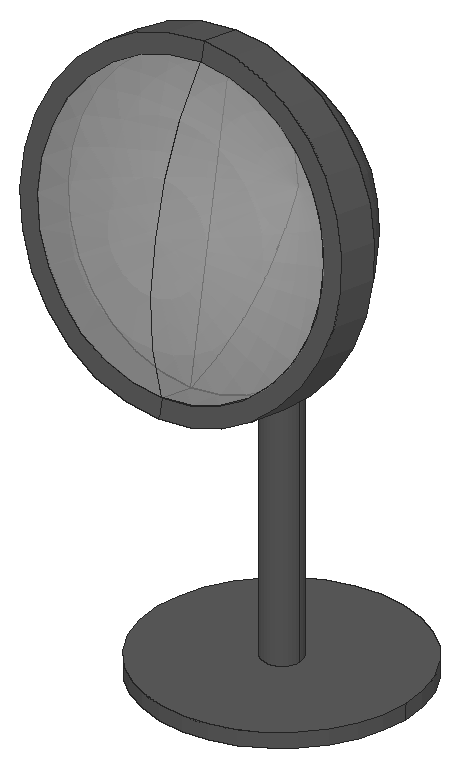
Revit family "GNX Single", category Lighting Fixtures, host Face, Revit 2012
Parameters (values of type "GNX - Black")
  zz Angle1 = if(Tilt Angle < 10.00°, 10.00°, if(Tilt Angle > 140.00°, 140.00°, Tilt Angle))  # 10.00°
  Wattage Comments = "5-35 W"
  Voltage = 6 V
  URL = "http://www.dual-lite.com/"
  Total Input Wattage = 5 W
  Tilt Angle = 10.00°
  Load Classification = Lighting
  Lens = Hubbell - Glass
  Product Page URL = "http://www.dual-lite.com/products/gnx"
  Product Documentation Link = "http://cdn.dual-lite.com/content/products/specs/specs_files/dlt_remoteheads_specsht.pdf"
  Photometric Web [instance] = GNX Photometry : gnx-0625
  Model = "GNX"  # constant formula
  Manufacturer Phone = "864-678-1000"  # constant formula
  Manufacturer Fax = "866-898-0131"  # constant formula
  Manufacturer = "Dual-lite"  # constant formula
  Fixture Color = Hubbell - Paint - Black
  Description = "Environmental Lighting Head"  # constant formula
  Default Elevation = 48.000"
  Apparent Load = 5 VA
Reference planes (in)
  plane 1 "Center (Front/Back)": y = 0
  plane 2: z = 0
  plane 3 "Center (Left/Right)": x = 0
  plane 4: z = 4
  plane 5: y = 1.75
  plane 6: y = -1.75
  plane 7: x = 1.75
  plane 8: x = -1.75
  plane 9: z = 0.2
Forms (in)
  Extrusion 1, solid, material "Hubbell - Paint - Black" <- "Fixture Color"
    sketch origin (0, 0, 0) x (1, 0, 0) y (0, 1, 0)
      loop
        circle (0, 0) r 1.75
    from 0 to 0.2
  Revolve 2, solid, material "Hubbell - Paint - Black" <- "Fixture Color"
    sketch origin (0, 0, 0) x (1, 0, 0) y (0, 0, 1)
      loop
        line (0, 0.2) -> (0.25, 0.2) -> (0.25, 4) -> (0, 4) -> (0, 0.2)
      axis (0, 4) -> (0, 0.2)
    angle from 0 to 360
  Extrusion 3, solid, material "Hubbell - Paint - Black" <- "Fixture Color"
    sketch origin (0, 0, 0) x (0, 1, 0) y (0, 0, 1)
      loop
        circle (0, 4) r 0.5
    from -0.25 to 0.25
Cuts and joins
  joined: Extrusion 1, Revolve 2, Extrusion 3
Lines and regions (in)
  reference lines
    curve 1: line (1.75, 0, 0) -> (2.55045, 0, 0)
Dimensions and locks (in)
  equal spacing: plane 6, plane 1 "Center (Front/Back)", plane 5
  locked: plane 5 to plane 6 at 3.5
  plane 8 to plane 7 = 3.500"
  locked: plane 9 to plane 2 at 0.2
  locked: plane 3 "Center (Left/Right)" to Extrusion 1 sketch curve at 0
  locked: plane 1 "Center (Front/Back)" to Extrusion 1 sketch curve at 0
  locked: plane 4 to plane 2 at 4
  radius of Extrusion 1 sketch curve = 1.750"
  "zz Angle1": angle plane 4 to nested 1
  aligned and locked: plane 2 to host face
  aligned and locked: level to host face
  aligned and locked: plane 9 to Extrusion 1
  aligned and locked: Extrusion 1 to Revolve 2
  aligned and locked: plane 4 to nested 1
  aligned and locked: plane 1 "Center (Front/Back)" to nested 1
  aligned and locked: nested 2 to plane 3 "Center (Left/Right)"
  aligned and locked: nested 2 to nested 1
  aligned and locked: cut or joined group of Extrusion 1, Revolve 2, Extrusion 3 to plane 2
  aligned and locked: plane 4 to cut or joined group of Extrusion 1, Revolve 2, Extrusion 3
Automatic sketch dimensions
  host sketch curve to host sketch curve = 96.000"  (x2)
  plane 1 "Center (Front/Back)" to curve 1 = 0.000"
  plane 3 "Center (Left/Right)" to curve 1 = 1.750"
  curve 1 to curve 1 = 0.80045"
  Revolve 2 sketch curve to plane 3 "Center (Left/Right)" = 0.000"  (x2)
  plane 9 to Revolve 2 sketch curve = 0.000"
  Revolve 2 sketch curve to plane 4 = 0.000"
  plane 3 "Center (Left/Right)" to Revolve 2 sketch curve = 0.250"
  Revolve 2 sketch curve to level = 24.000"
  Revolve 2 sketch curve to Revolve 2 sketch curve = 99.71882"
  Extrusion 3 sketch curve to Extrusion 3 sketch curve = 0.000"  (x2)
  Extrusion 3 sketch curve to plane 4 = 0.000"
  Extrusion 3 sketch curve to plane 1 "Center (Front/Back)" = 0.000"
  plane 1 "Center (Front/Back)" to Extrusion 3 sketch curve = 0.500"
Nested families (in)
  nested 1: "GNX Model" at (-0.00006, 0, 4) x (0, 0.9848, -0.1736) z (1, 0, 0), type "Black"
  nested 2: "GNX Photometry" at (-0.23896, -1.7219, 6.62894) x (-1, 0, 0) z (0, -0.9848, 0.1736), type <- "Photometric Web", type "gnx-0625"
Connectors (in)
  electrical at (0, 0, 0), driven by "Voltage", driven by "Apparent Load", driven by "Load Classification"
    settings: on Extrusion 1, index 1, voltage 6 V, apparent load 5 VA, apparent load phase1 0 VA, apparent load phase2 0 VA, apparent load phase3 0 VA, power factor 1, load classification "Lighting", number of poles 1, system type 30, power factor state 1, is connector primary yes, connector utility no, sub classification motor no, connector description "Lighting Connector"
Definition of nested family "GNX Model"
  Parameters (values of type "White")
    URL = ""
    Product Page URL = ""
    Product Documentation Link = ""
    Manufacturer Phone = ""
    Manufacturer Fax = ""
    Manufacturer = ""
    Lens = Hubbell - Glass
    Finish = Finish - Hubbell - White
  Types (2): name | Finish
    White | Finish - Hubbell - White
    Black | Hubbell - Paint - Black
  Reference planes (in)
    plane 1 "Center (Front/Back)": y = 0
    plane 2: z = 0
    plane 3 "Center (Left/Right)": x = 0
    plane 4: z = 5.6
    plane 5: z = 5.1
    plane 6: z = 11.8
    plane 7: y = 4.5
    plane 8: x = -4.246
    plane 9: y = 2.25
    plane 10: z = 0.25
    plane 11: z = -0.25
    plane 12: z = 0
    plane 13: through (0, 0, 48) normal (0.8192, 0.5736, 0)
    plane 14: y = 0
  Forms (in)
    Revolve 1, solid, material "Finish - Hubbell - White" <- "Finish"
      sketch origin (2.09375, -0.25, 0) x (1, 0, 0) y (0, 1, 0)
        loop
          line (-1.93672, 2.25) -> (-2.15593, 2.25)
          arc (-2.15593, 2.25) -> (-2.71089, 1.07318) -> (-3.7185, 0.25) r 2.94713
          line (-3.7185, 0.25) -> (-4.246, 0.25) -> (-4.246, 0) -> (-3.66713, 0) -> (-3.58932, 0.13477)
          arc (-3.58932, 0.13477) -> (-2.47154, 0.96465) -> (-1.93672, 2.25) r 2.61982
        axis (-4.246, 2.25) -> (-1.93672, 2.25)
      angle from 0 to 360
    Revolve 2, solid, material "Hubbell - Glass" <- "Lens"
      sketch origin (2.09375, -0.25, 0) x (1, 0, 0) y (0, 1, 0)
        loop
          line (-3.7185, 0.25) -> (-3.7185, 2.25) -> (-4.70774, 2.25)
          arc (-4.70774, 2.25) -> (-4.60006, 1.22156) -> (-4.246, 0.25) r 4.22884
          line (-4.246, 0.25) -> (-3.7185, 0.25)
        axis (-4.70774, 2.25) -> (-3.7185, 2.25)
      angle from 0 to 360
    Extrusion 3, solid, material "Finish - Hubbell - White" <- "Finish"
      sketch origin (0, 0, 0) x (1, 0, 0) y (0, 1, 0)
        loop
          arc (-0.41377, -0.28071) -> (0.21157, -0.45303) -> (0.48084, 0.13708) r 0.5
          line (0.48084, 0.13708) -> (0.01536, 1.76991) -> (-0.82404, 0.32404) -> (-0.41377, -0.28071)
      from -0.25 to 0.25
  Cuts and joins
    joined: Revolve 1, Extrusion 3
  Lines and regions (in)
    reference lines
      curve 1: line (0, 0, 0) -> (0.87865, 0, 0)
      curve 2: line (0, 0, 0) -> (0, 0.29239, 0)
  Dimensions and locks (in)
    locked: plane 4 to plane 5 at 0.5
    plane 6 to plane 5 = 6.700"
    equal spacing: plane 7, plane 9, plane 1 "Center (Front/Back)"
    plane 7 to plane 1 "Center (Front/Back)" = 4.500"
    aligned and locked: Revolve 1 to Revolve 2 sketch curve
    aligned and locked: plane 11 to Extrusion 3
    aligned and locked: plane 10 to Extrusion 3
    aligned and locked: plane 14 to curve 1
  Automatic sketch dimensions
    Revolve 1 sketch curve to plane 8 = 2.09375"
    plane 1 "Center (Front/Back)" to Revolve 1 sketch curve = 0.250"
    Revolve 1 sketch curve to plane 9 = 0.250"  (x2)
    Revolve 1 sketch curve to plane 8 = 1.80377"
    Revolve 1 sketch curve to Revolve 1 sketch curve = 0.49728"
    Revolve 1 sketch curve to plane 1 "Center (Front/Back)" = 0.000"
    Revolve 1 sketch curve to plane 8 = 2.62125"
    Revolve 1 sketch curve to Revolve 1 sketch curve = 0.05137"
    plane 1 "Center (Front/Back)" to Revolve 1 sketch curve = 0.11523"
    Revolve 1 sketch curve to Revolve 1 sketch curve = 0.07781"
    Revolve 1 sketch curve to plane 3 "Center (Left/Right)" = 0.06218"
    Revolve 1 sketch curve to Revolve 1 sketch curve = 0.21921"
    Revolve 1 sketch curve to Revolve 1 sketch curve = 11.30875"
    plane 3 "Center (Left/Right)" to Revolve 1 sketch curve = 10.97206"
    Revolve 2 sketch curve to plane 9 = 0.250"  (x2)
    Revolve 2 sketch curve to plane 8 = 2.09375"
    Revolve 2 sketch curve to plane 8 = 1.63201"
    Revolve 2 sketch curve to Revolve 2 sketch curve = 11.63427"
    Revolve 2 sketch curve to plane 1 "Center (Front/Back)" = 0.000"
    Revolve 2 sketch curve to plane 9 = 0.32716"
    plane 3 "Center (Left/Right)" to Revolve 2 sketch curve = 10.97206"
    plane 1 "Center (Front/Back)" to Extrusion 3 sketch curve = 0.000"
    Extrusion 3 sketch curve to plane 3 "Center (Left/Right)" = 0.000"
    Extrusion 3 sketch curve to plane 3 "Center (Left/Right)" = 0.41377"
    Extrusion 3 sketch curve to plane 1 "Center (Front/Back)" = 0.32404"
    plane 3 "Center (Left/Right)" to Extrusion 3 sketch curve = 0.01536"
    Extrusion 3 sketch curve to plane 1 "Center (Front/Back)" = 0.13708"
    plane 3 "Center (Left/Right)" to Extrusion 3 sketch curve = 0.48084"
    Extrusion 3 sketch curve to plane 9 = 0.48009"
    Extrusion 3 sketch curve to Extrusion 3 sketch curve = 0.41027"
    curve 1 to plane 3 "Center (Left/Right)" = 0.000"
    curve 2 to curve 1 = 0.87865"
    curve 1 to curve 2 = 0.29239"
Definition of nested family "GNX Photometry"
  Parameters (values of type "gnx-0612")
    Wattage Comments = ""
    Wattage = 12 W
    built-in parameter 1150110 = 1 (stored number, unit not read)
    Voltage = 6 V
    URL = ""
    built-in parameter 1114217 = 1 (stored number, unit not read)
    Tilt Angle = 90.00°
    built-in parameter 1150109 = 1 (stored number, unit not read)
    built-in parameter 1150134 = 3
    built-in parameter 1150113 = 1 (stored number, unit not read)
    Product Page URL = ""
    Product Documentation Link = ""
    Photometric Web File = "gnx-0612.ies"
    Model = ""
    Manufacturer Phone = ""
    Manufacturer Fax = ""
    Manufacturer = ""
    built-in parameter 1150105 = 77.588 (stored number, unit not read)
    Lumens = 975 lm
    built-in parameter 1150115 = 1 (stored number, unit not read)
    built-in parameter 1150137 = (empty or 0)
    built-in parameter 1150139 = (empty or 0)
    built-in parameter 1150112 = 1 (stored number, unit not read)
    built-in parameter 1150114 = 1 (stored number, unit not read)
    Lamp = ""
    built-in parameter 1150132 = 1
    built-in parameter 1150102 = (empty or 0)
    built-in parameter 1150107 = 3200 (stored number, unit not read)
    built-in parameter 1150138 = (empty or 0)
    built-in parameter 1150106 = 0.77588 (stored number, unit not read)
    Emit from Circle Diameter = 3.500"  # constant formula
    Emit Shape Visible in Rendering = no
    built-in parameter 1150104 = 7.5484 (stored number, unit not read)
    Dimming Lamp Color Temperature Shift = (empty or 0)
    Description = ""
    Default Elevation = 48.000"
    Color Filter = 16777215
    built-in parameter 1114218 = 1 (stored number, unit not read)
    built-in parameter 1150133 = 10 (stored number, unit not read)
    Apparent Load = 5.4 VA
  Types (13): name | Wattage | Voltage | Tilt Angle | Photometric Web File | built-in parameter 1150105 | Lumens | built-in parameter 1150106
    gnx-0605 | 5 W | 6 V | 0.00° | "gnx-0605.ies" | 32.328 (stored number, unit not read) | 406.25 lm | 0.32328 (stored number, unit not read)
    gnx-0607 | 7.2 W | 6 V | 90.00° | "gnx-0607.ies" | 46.553 (stored number, unit not read) | 585 lm | 0.46553 (stored number, unit not read)
    gnx-0608 | 8 W | 6 V | 90.00° | "gnx-0608.ies" | 51.725 (stored number, unit not read) | 650 lm | 0.51725 (stored number, unit not read)
    gnx-0612 | 12 W | 6 V | 90.00° | "gnx-0612.ies" | 77.588 (stored number, unit not read) | 975 lm | 0.77588 (stored number, unit not read)
    gnx-0618 | 18 W | 6 V | 90.00° | "gnx-0618.ies" | 116.38 (stored number, unit not read) | 1462.5 lm | 1.1638 (stored number, unit not read)
    gnx-0620 | 20 W | 6 V | 90.00° | "gnx-0620.ies" | 129.31 (stored number, unit not read) | 1625 lm | 1.2931 (stored number, unit not read)
    gnx-0625 | 25 W | 6 V | 90.00° | "gnx-0625.ies" | 161.64 (stored number, unit not read) | 2031.25 lm | 1.6164 (stored number, unit not read)
    gnx-1208 | 8 W | 6 V | 90.00° | "gnx-1208.ies" | 51.725 (stored number, unit not read) | 650 lm | 0.51725 (stored number, unit not read)
    gnx-1209 | 9 W | 6 V | 90.00° | "gnx-1209.ies" | 2571.7 (stored number, unit not read) | 731.25 lm | 25.717 (stored number, unit not read)
    gnx-1212 | 12 W | 6 V | 90.00° | "gnx-1212.ies" | 35063.3 (stored number, unit not read) | 975 lm | 350.63 (stored number, unit not read)
    gnx-1218 | 18 W | 12 V | 90.00° | "gnx-1218.ies" | 56983 (stored number, unit not read) | 1462.5 lm | 569.83 (stored number, unit not read)
    gnx-1225 | 25 W | 12 V | 90.00° | "gnx-1225.ies" | 9900.2 (stored number, unit not read) | 2031.25 lm | 99.002 (stored number, unit not read)
    gnx-1235 | 35 W | 12 V | 90.00° | "gnx-1235.ies" | 11968.1 (stored number, unit not read) | 2843.75 lm | 119.68 (stored number, unit not read)
  Reference planes (in)
    plane 1 "Center (Front/Back)": y = 0.03999
    plane 2: z = 0
    plane 3 "Center (Left/Right)": x = -0.23896
  Forms (in)
    Extrusion 1, solid
      sketch origin (0, 0, 0.06357) x (1, 0, 0) y (0, 1, 0)
        loop
          line (-48, 48) -> (-48, -48) -> (48, -48) -> (48, 48) -> (-48, 48)
      from -0.06357 to -17.74365
  Lines and regions (in)
    reference lines
      curve 1: line (-0.23896, 0.03999, 18.11448) -> (-0.23896, 0.03999, -22.88552)
      curve 2: line (-0.23896, 0.03999, 34) -> (-0.23896, 0.03999, -22.88552)
  Dimensions and locks (in)
    aligned and locked: plane 2 to Extrusion 1
    aligned and locked: level to Extrusion 1
    aligned and locked: curve 1 to plane 3 "Center (Left/Right)"
    aligned and locked: plane 1 "Center (Front/Back)" to curve 2
    aligned and locked: imposter light to plane 1 "Center (Front/Back)"
